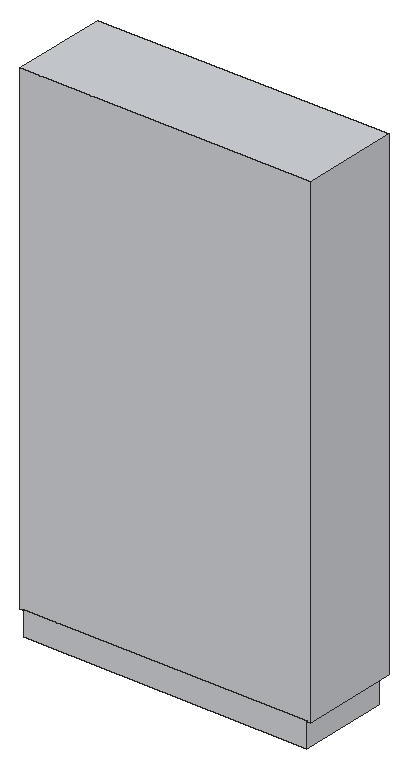
Revit family "EA_Schaltschrank_ohne_V1700", category Elektrische Ausstattung, Revit 2017
Family settings
  Bemaßung runder Anschluss = Durchmesser verwenden
  Teiletyp = Allgemeiner Verteiler
  OmniClass-Nummer = 23.80.30.11
  OmniClass-Titel = Power Supply Devices
  Arbeitsebenenbasiert = Nein
  Immer vertikal = Ja
  Beim Laden mit Abzugskörper schneiden = Ja
  Gemeinsam genutzt = Nein
  Raumberechnungspunkt = Nein
Parameters (values of type "SIBEL")
  schwarz schraffiert = no
  rot schraffiert = no
  pbr_Material_KZ = ""
  pbr_Material = none
  pbr_E_Typ = ""
  pbr_E_KZ = ""
  pbr_DINBild = 0
  pbr_Bild = 0
  magenta schraffiert = no
  cpiFitMatchKey [instance] = "E-SS"  # constant formula
  braun schraffiert = no
  Wirkleistung [instance] = 0 W
  built-in parameter 1140083 [instance] = "STahl"
  Türstärke = 10 mm
  Türhalbbreite [instance] = (Breite - 2 * Kante) / 2  # 585 mm
  Türbreite [instance] = if(Breite > 1199 mm, Türhalbbreite, Breite - 2 * Kante)  # 585 mm
  Typ [instance] = ""
  built-in parameter 1140086 [instance] = "-"
  Tiefe [instance] = 400 mm
  Text3 [instance] = ""
  Text2 [instance] = ""
  Text1 [instance] = ""
  built-in parameter 1140085 [instance] = "UVx"
  Spannung Phase zu Phase [instance] = 400 V
  Voltage = ""
  grün schraffiert = yes
  Scheinleistung Phase 3 = 0 VA
  Scheinleistung Phase 2 = 0 VA
  Scheinleistung Phase 1 = 0 VA
  Scheinleistung [instance] = 0 VA
  Scheinlast [instance] = 0 VA
  Sockel [instance] = 100 mm
  Polig [instance] = 1
  Planungsbüro Rohling = "www.pbr.de"
  Nennstrom [instance] = 100 A
  Menge(Dosenzahl) [instance] = 0
  Max. Anzahl Steckplätze [instance] = 42
  Linie/Anschluss [instance] = ""
  Leistungsfaktor [instance] = 0
  Lastklassifizierung [instance] = none
  Kante = 15 mm
  Kabeltrassen Anschlusshöhe [instance] = 100 mm
  Kabeltrasse Anschlussbreite [instance] = 400 mm
  Installationsart [instance] = ""
  built-in parameter 1140081 [instance] = "Freistehend"
  Info [instance] = ""
  Höhe [instance] = 2000 mm
  blau schraffiert = no
  Gewerk [instance] = "SIBEL"
  Panel Name [instance] = "Schaltschrank"
  violett schraffiert = no
  Breite [instance] = 1200 mm
  Anlaufstrom [instance] = 0
Types (5, lengths in mm): name | Türhalbbreite | Türbreite | Tiefe | grün schraffiert | blau schraffiert | Gewerk | violett schraffiert | Breite
  GHV | 385 | 770 | 800 | no | yes | "UV" | no | 800
  GSHV | 385 | 770 | 800 | no | yes | "UV" | no | 800
  ELA | 585 | 585 | 400 | no | no | "UV" | yes | 1200
  SIBEL | 585 | 585 | 400 | yes | no | "SIBEL" | no | 1200
  EDV | 585 | 585 | 400 | no | no | "EDV" | yes | 1200
Reference planes
  plane 1 "Mitte (Vorne/Hinten)": y = 0
  plane 2: z = 0
  plane 3 "Mitte (Links/Rechts)": x = 0
  plane 4: y = 400
  plane 5: x = -600
  plane 6: x = 600
  plane 7 "Niveau": z = 100
  plane 8: z = 2100
  plane 9: y = 150
  plane 10: y = 150
  plane 11: y = 200
  plane 12: y = 410
  plane 13: x = -585
  plane 14: x = 585
  plane 15: z = 2085
  plane 16: z = 115
  plane 17: y = 370
  plane 18: y = 985
  plane 19: x = 575
  plane 20: x = -575
  plane 21: y = 370
Forms (mm)
  Extrusion 1, solid
    sketch origin (-17.916, -2.559, 0) x (1, 0, 0) y (0, 1, 0)
      loop
        line (-582.084, 2.559) -> (617.916, 2.559) -> (617.916, 402.559) -> (-582.084, 402.559) -> (-582.084, 2.559)
    from 100 to 2100
  Extrusion 2, solid, not visible
    sketch origin (0, 0, 0) x (1, 0, 0) y (0, 1, 0)
      loop
        line (-585, 410) -> (-585, 400) -> (585, 400) -> (585, 410) -> (-585, 410)
    from 115 to 2085
  Extrusion 3, solid
    sketch origin (0, 0, 0) x (1, 0, 0) y (0, 1, 0)
      loop
        line (-585, 370) -> (-585, 0) -> (585, 0) -> (585, 370) -> (-585, 370)
    from 0 to 100
Dimensions and locks
  equal spacing: plane 5, plane 3 "Mitte (Links/Rechts)", plane 6
  "Tiefe": plane 4 to plane 1 "Mitte (Vorne/Hinten)"
  "Breite": plane 5 to plane 6
  "Höhe": plane 8 to plane 7 "Niveau"
  "Sockel": plane 7 "Niveau" to level
  plane 3 "Mitte (Links/Rechts)" to Extrusion 1 = 600 mm
  equal spacing: plane 4, plane 11, plane 1 "Mitte (Vorne/Hinten)"
  plane 4 to plane 11 to plane 10 to plane 9 to plane 1 "Mitte (Vorne/Hinten)" = 200 mm, 50 mm, 0 mm, 150 mm
  "Kante": plane 5 to plane 13
  "Kante": plane 14 to plane 6
  "Türstärke": plane 12 to plane 4
  "Kante": plane 7 "Niveau" to plane 16
  "Kante": plane 15 to plane 8
  "Türstärke": plane 19 to plane 14
  "Türbreite": plane 18 to plane 4
  "Türstärke": plane 13 to plane 20
  locked: plane 4 to plane 21 at 30
  nested 6 to plane 10 = 150 mm
  aligned and locked: level to plane 2
  aligned and locked: plane 6 to Extrusion 1
  aligned and locked: plane 1 "Mitte (Vorne/Hinten)" to Extrusion 1
  aligned and locked: plane 4 to Extrusion 1
  aligned and locked: Extrusion 1 to plane 5
  aligned and locked: Extrusion 1 to plane 7 "Niveau"
  aligned and locked: plane 8 to Extrusion 1
  aligned and locked: Extrusion 2 sketch curve to plane 14
  aligned and locked: Extrusion 2 sketch curve to plane 12
  aligned and locked: plane 4 to Extrusion 2 sketch curve
  aligned and locked: plane 13 to Extrusion 2 sketch curve
  aligned and locked: plane 15 to Extrusion 2
  aligned and locked: Extrusion 2 to plane 16
  aligned and locked: Extrusion 3 sketch curve to plane 13
  aligned and locked: Extrusion 3 sketch curve to plane 1 "Mitte (Vorne/Hinten)"
  aligned and locked: Extrusion 3 sketch curve to plane 14
  aligned and locked: Extrusion 3 to plane 17
  aligned and locked: plane 21 to plane 17
  aligned and locked: plane 1 "Mitte (Vorne/Hinten)" to nested 1
  aligned and locked: plane 4 to nested 1
  aligned and locked: plane 5 to nested 1
  aligned and locked: plane 6 to nested 1
  aligned and locked: plane 5 to nested 2
  aligned and locked: plane 6 to nested 2
  aligned and locked: plane 4 to nested 2
  aligned and locked: plane 4 to nested 4
  aligned and locked: plane 5 to nested 4
  aligned and locked: plane 6 to nested 4
  aligned and locked: plane 5 to nested 5
  aligned and locked: plane 6 to nested 5
  aligned and locked: plane 4 to nested 7
  aligned and locked: plane 5 to nested 7
  aligned and locked: plane 6 to nested 7
  aligned and locked: plane 4 to nested 6
  aligned and locked: plane 5 to nested 6
  aligned and locked: plane 6 to nested 6
  aligned and locked: nested 3 to plane 17
  aligned and locked: nested 3 to plane 1 "Mitte (Vorne/Hinten)"
  aligned and locked: plane 6 to nested 3
  aligned and locked: plane 5 to nested 3
Automatic sketch dimensions
  Extrusion 1 sketch curve to plane 4 = 0 mm
  Extrusion 1 sketch curve to plane 5 = 0 mm
  Extrusion 1 sketch curve to plane 6 = 0 mm
  plane 1 "Mitte (Vorne/Hinten)" to Extrusion 1 sketch curve = 0 mm
  Extrusion 3 sketch curve to plane 17 = 0 mm
Nested families
  nested 1: "Verteiler_blau" at (0, 0, 0), visible <- "blau schraffiert", type "Verteiler_blau"
    with Tiefe Schrank 400 mm, Breite Schrank 1200 mm
  nested 2: "Verteiler_braun" at (0, 0, 0), visible <- "braun schraffiert", type "Verteiler_braun"
    with Tiefe Schrank 400 mm, Breite Schrank 1200 mm
  nested 3: "Verteiler_grün" at (0, 0, 0), visible <- "grün schraffiert", type "Verteiler_grün"
    with Y Breite 240 mm, Teilabstand 36 mm, Symboltiefe 370 mm, Symbolbreite 1200 mm, Plusabstände 24 mm, PM Abstand 166.667 mm, MinusAbstände 70.5 mm, Länge 500 mm, Dicke 22.5 mm, Abstand 120 mm
  nested 4: "Verteiler_magenta" at (0, 0, 0), visible <- "magenta schraffiert", type "Notlichtversorgung"
    with Y Breite 240 mm, Teilabstand 36 mm, Symboltiefe 400 mm, Symbolbreite 1200 mm, Plusabstände 24 mm, PM Abstand 166.667 mm, MinusAbstände 70.5 mm, Länge 500 mm, Dicke 22.5 mm, Abstand 120 mm
  nested 5: "Verteiler_rot" at (0, 0, 0), visible <- "rot schraffiert", type "Notlichtversorgung"
    with Y Breite 240 mm, Teilabstand 36 mm, Symboltiefe 800 mm, Symbolbreite 1200 mm, Plusabstände 24 mm, PM Abstand 166.667 mm, MinusAbstände 70.5 mm, Länge 500 mm, Dicke 22.5 mm, Abstand 120 mm
  nested 6: "Verteiler_schwarz" at (0, 0, 0), visible <- "schwarz schraffiert", type "Verteiler_schwarz"
    with Tiefe Schrank 400 mm, Breite Schrank 1200 mm
  nested 7: "Verteiler_violett" at (0, 0, 0), visible <- "violett schraffiert", type "Verteiler_violett"
    with Tiefe Schrank 400 mm, Breite Schrank 1200 mm
Connectors
  electrical at (0, 200, 2100), driven by "Spannung Phase zu Phase", driven by "Scheinleistung Phase 1", driven by "Scheinleistung Phase 2", driven by "Scheinleistung Phase 3", driven by "Scheinlast"
    settings: on Extrusion 1, index 2, voltage 400 V, apparent load 0 VA, apparent load phase1 0 VA, apparent load phase2 0 VA, apparent load phase3 0 VA, power factor 1, load classification "Energie", number of poles 3, system type 30, power factor state 1, is connector primary yes, connector utility yes, sub classification motor no, connector description ""
  cabletrayconduit at (0, 200, 2100), diameter 600
    settings: on Extrusion 1, index 3, connector width 300 mm, connector height 300 mm, connector angle 0.00°, system type 32, placement type 0, profile type 1, connector reference index -1, is primary connector yes, connector utility param no, connector description ""
  cabletrayconduit at (0, 200, 2100), diameter 600
    settings: on Extrusion 1, index 4, connector width 300 mm, connector height 300 mm, connector angle 0.00°, system type 32, placement type 0, profile type 1, connector reference index -1, is primary connector no, connector utility param no, connector description ""
  cabletrayconduit at (0, 185, 0), diameter 600
    settings: on Extrusion 3, index 5, connector width 300 mm, connector height 300 mm, connector angle 0.00°, system type 32, placement type 0, profile type 1, connector reference index -1, is primary connector no, connector utility param no, connector description ""
Definition of nested family "Verteiler_blau"
  Parameters (values of type "Verteiler_blau")
    Tiefe Schrank [instance] = 200 mm
    Breite Schrank [instance] = 1200 mm
  Reference planes
    plane 1 "Mitte (Vorne/Hinten)": y = 0
    plane 2: z = 0
    plane 3 "Mitte (Links/Rechts)": x = 0
    plane 4: x = -600
    plane 5: x = 600
    plane 6: y = 200
  Lines and regions (mm)
    Filled region 1, type "Beton", in view "Referenzebene"
      outline origin (0, 0, 0) x (1, 0, 0) y (0, 1, 0)
        loop
          line (-600, 0) -> (600, 0) -> (600, 200) -> (-600, 0)
    detail lines, in view "Referenzebene"
      curve 1: line (-600, 200, 0) -> (600, 200, 0)
      curve 2: line (-600, 0, 0) -> (-600, 200, 0)
      curve 3: line (600, 0, 0) -> (-600, 0, 0)
      curve 4: line (600, 200, 0) -> (600, 0, 0)
  Dimensions and locks
    "Tiefe Schrank": plane 6 to plane 1 "Mitte (Vorne/Hinten)"
    equal spacing: plane 4, plane 3 "Mitte (Links/Rechts)", plane 5
    "Breite Schrank": plane 4 to plane 5
    aligned and locked: curve 3 to plane 1 "Mitte (Vorne/Hinten)"
    aligned and locked: plane 4 to curve 2
    aligned and locked: curve 4 to plane 5
    aligned and locked: curve 1 to plane 6
    aligned and locked: curve 3 to Filled region 1 sketch curve
    aligned and locked: curve 1 to Filled region 1 sketch curve
    aligned and locked: Filled region 1 sketch curve to curve 4
    aligned and locked: Filled region 1 sketch curve to curve 3
  Automatic sketch dimensions
    plane 1 "Mitte (Vorne/Hinten)" to curve 3 = 0 mm
    Filled region 1 sketch curve to plane 4 = 0 mm
Definition of nested family "Verteiler_braun"
  Parameters (values of type "Verteiler_braun")
    Tiefe Schrank [instance] = 400 mm
    Breite Schrank [instance] = 1200 mm
  Reference planes
    plane 1 "Mitte (Vorne/Hinten)": y = 0
    plane 2: z = 0
    plane 3 "Mitte (Links/Rechts)": x = 0
    plane 4: x = -600
    plane 5: x = 600
    plane 6: y = 400
  Lines and regions (mm)
    Filled region 1, type "Beton", in view "Referenzebene"
      outline origin (0, 0, 0) x (1, 0, 0) y (0, 1, 0)
        loop
          line (-600, 0) -> (600, 0) -> (600, 400) -> (-600, 0)
    detail lines, in view "Referenzebene"
      curve 1: line (-600, 400, 0) -> (600, 400, 0)
      curve 2: line (-600, 0, 0) -> (-600, 400, 0)
      curve 3: line (600, 0, 0) -> (-600, 0, 0)
      curve 4: line (600, 400, 0) -> (600, 0, 0)
  Dimensions and locks
    "Tiefe Schrank": plane 6 to plane 1 "Mitte (Vorne/Hinten)"
    equal spacing: plane 4, plane 3 "Mitte (Links/Rechts)", plane 5
    "Breite Schrank": plane 4 to plane 5
    aligned and locked: curve 3 to plane 1 "Mitte (Vorne/Hinten)"
    aligned and locked: plane 4 to curve 2
    aligned and locked: curve 4 to plane 5
    aligned and locked: curve 1 to plane 6
    aligned and locked: curve 3 to Filled region 1 sketch curve
    aligned and locked: curve 1 to Filled region 1 sketch curve
    aligned and locked: Filled region 1 sketch curve to curve 4
    aligned and locked: Filled region 1 sketch curve to curve 3
  Automatic sketch dimensions
    plane 1 "Mitte (Vorne/Hinten)" to curve 3 = 0 mm
    Filled region 1 sketch curve to plane 4 = 0 mm
Definition of nested family "Verteiler_grün"
  Parameters (values of type "Verteiler_grün")
    Y Breite [instance] = 240 mm
    Teilabstand [instance] = Abstand * 0.3  # 36 mm
    Symboltiefe [instance] = 494.353 mm
    Symbolbreite [instance] = 2262.671 mm
    Plusabstände [instance] = Y Breite / 10  # 24 mm
    PM Abstand [instance] = Länge / 3  # 166.667 mm
    MinusAbstände [instance] = 2 * Plusabstände + Dicke  # 70.5 mm
    Länge [instance] = 500 mm
    Dicke [instance] = 22.5 mm
    Abstand [instance] = 120 mm
  Reference planes
    plane 1 "Mitte (Vorne/Hinten)": y = 0
    plane 2: z = 0
    plane 3 "Mitte (Links/Rechts)": x = 0
    plane 4: x = -560
    plane 5: x = -60
    plane 6: x = 60
    plane 7: x = 560
    plane 8: x = -1131.336
    plane 9: y = 0
    plane 10: x = 1131.336
    plane 11: y = 494.353
  Lines and regions (mm)
    Filled region 1, type "Flächenfüllung Schwarz", in view "Referenzebene"
      outline origin (0, 0, 0) x (1, 0, 0) y (0, 1, 0)
        loop
          line (-1131.336, 0) -> (1131.336, 0) -> (1131.336, 494.353) -> (-1131.336, 0)
    detail lines, in view "Referenzebene"
      curve 1: line (-1131.336, 494.353, 0) -> (-1131.336, 0, 0)
      curve 2: line (-1131.336, 0, 0) -> (1131.336, 0, 0)
      curve 3: line (1131.336, 0, 0) -> (1131.336, 494.353, 0)
      curve 4: line (1131.336, 494.353, 0) -> (-1131.336, 494.353, 0)
  Dimensions and locks
    equal spacing: plane 4, plane 3 "Mitte (Links/Rechts)", plane 7
    "Länge": plane 4 to plane 5
    equal spacing: plane 8, plane 3 "Mitte (Links/Rechts)", plane 10
    "Symboltiefe": plane 11 to plane 9
    "Symbolbreite": plane 8 to plane 10
  Automatic sketch dimensions
    Filled region 1 sketch curve to plane 8 = 0 mm
    Filled region 1 sketch curve to plane 10 = 0 mm
    Filled region 1 sketch curve to plane 9 = 0 mm
    Filled region 1 sketch curve to plane 11 = 0 mm
    plane 1 "Mitte (Vorne/Hinten)" to curve 1 = 0 mm
    curve 4 to plane 8 = 0 mm
    curve 4 to plane 10 = 0 mm
    curve 1 to plane 11 = 0 mm
Definition of nested family "Verteiler_magenta"
  Parameters (values of type "Notlichtversorgung")
    Y Breite [instance] = 240 mm
    Teilabstand [instance] = Abstand * 0.3  # 36 mm
    Symboltiefe [instance] = 494.353 mm
    Symbolbreite [instance] = 2262.671 mm
    Plusabstände [instance] = Y Breite / 10  # 24 mm
    PM Abstand [instance] = Länge / 3  # 166.667 mm
    MinusAbstände [instance] = 2 * Plusabstände + Dicke  # 70.5 mm
    Länge [instance] = 500 mm
    Dicke [instance] = 22.5 mm
    Abstand [instance] = 120 mm
  Reference planes
    plane 1 "Mitte (Vorne/Hinten)": y = 0
    plane 2: z = 0
    plane 3 "Mitte (Links/Rechts)": x = 0
    plane 4: x = -1131.336
    plane 5: y = 0
    plane 6: x = 1131.336
    plane 7: y = 494.353
  Lines and regions (mm)
    Filled region 1, type "FluchtwegFarbe", in view "Referenzebene"
      outline origin (0, 0, 0) x (1, 0, 0) y (0, 1, 0)
        loop
          line (-1131.336, 494.353) -> (-1131.336, 0) -> (1131.336, 0) -> (1131.336, 494.353) -> (-1131.336, 494.353)
    Filled region 2, type "Flächenfüllung Schwarz", in view "Referenzebene"
      outline origin (0, 0, 0) x (1, 0, 0) y (0, 1, 0)
        loop
          line (-1131.336, 0) -> (1131.336, 0) -> (1131.336, 494.353) -> (-1131.336, 0)
    detail lines, in view "Referenzebene"
      curve 1: line (-1131.336, 0, 0) -> (1131.336, 494.353, 0)
  Dimensions and locks
    equal spacing: plane 4, plane 3 "Mitte (Links/Rechts)", plane 6
    "Symboltiefe": plane 7 to plane 5
    "Symbolbreite": plane 4 to plane 6
    aligned and locked: Filled region 1 sketch curve to plane 6
    aligned and locked: plane 5 to Filled region 1 sketch curve
    aligned and locked: plane 4 to Filled region 1 sketch curve
    aligned and locked: Filled region 1 sketch curve to plane 7
  Automatic sketch dimensions
    curve 1 to plane 4 = 0 mm
    curve 1 to plane 6 = 0 mm
    curve 1 to plane 5 = 0 mm
    curve 1 to plane 7 = 0 mm
    Filled region 2 sketch curve to plane 4 = 0 mm
    Filled region 2 sketch curve to plane 6 = 0 mm
    Filled region 2 sketch curve to plane 5 = 0 mm
    Filled region 2 sketch curve to plane 7 = 0 mm
Definition of nested family "Verteiler_rot"
  Parameters (values of type "Notlichtversorgung")
    Y Breite [instance] = 240 mm
    Teilabstand [instance] = Abstand * 0.3  # 36 mm
    Symboltiefe [instance] = 494.353 mm
    Symbolbreite [instance] = 2262.671 mm
    Plusabstände [instance] = Y Breite / 10  # 24 mm
    PM Abstand [instance] = Länge / 3  # 166.667 mm
    MinusAbstände [instance] = 2 * Plusabstände + Dicke  # 70.5 mm
    Länge [instance] = 500 mm
    Dicke [instance] = 22.5 mm
    Abstand [instance] = 120 mm
  Reference planes
    plane 1 "Mitte (Vorne/Hinten)": y = 0
    plane 2: z = 0
    plane 3 "Mitte (Links/Rechts)": x = 0
    plane 4: x = -1131.336
    plane 5: y = 0
    plane 6: x = 1131.336
    plane 7: y = 494.353
  Lines and regions (mm)
    Filled region 1, type "FluchtwegFarbe", in view "Referenzebene"
      outline origin (0, 0, 0) x (1, 0, 0) y (0, 1, 0)
        loop
          line (-1131.336, 494.353) -> (-1131.336, 0) -> (1131.336, 0) -> (1131.336, 494.353) -> (-1131.336, 494.353)
    Filled region 2, type "Flächenfüllung Schwarz", in view "Referenzebene"
      outline origin (0, 0, 0) x (1, 0, 0) y (0, 1, 0)
        loop
          line (-1131.336, 0) -> (1131.336, 0) -> (1131.336, 494.353) -> (-1131.336, 0)
  Dimensions and locks
    equal spacing: plane 4, plane 3 "Mitte (Links/Rechts)", plane 6
    "Symboltiefe": plane 7 to plane 5
    "Symbolbreite": plane 4 to plane 6
    aligned and locked: Filled region 1 sketch curve to plane 6
    aligned and locked: plane 5 to Filled region 1 sketch curve
    aligned and locked: plane 4 to Filled region 1 sketch curve
    aligned and locked: Filled region 1 sketch curve to plane 7
  Automatic sketch dimensions
    Filled region 2 sketch curve to plane 4 = 0 mm
    Filled region 2 sketch curve to plane 6 = 0 mm
    Filled region 2 sketch curve to plane 5 = 0 mm
    Filled region 2 sketch curve to plane 7 = 0 mm
Definition of nested family "Verteiler_schwarz"
  Parameters (values of type "Verteiler_schwarz")
    Tiefe Schrank [instance] = 400 mm
    Breite Schrank [instance] = 1200 mm
  Reference planes
    plane 1 "Mitte (Vorne/Hinten)": y = 0
    plane 2: z = 0
    plane 3 "Mitte (Links/Rechts)": x = 0
    plane 4: x = -600
    plane 5: x = 600
    plane 6: y = 400
  Lines and regions (mm)
    Filled region 1, type "Beton", in view "Referenzebene"
      outline origin (0, 0, 0) x (1, 0, 0) y (0, 1, 0)
        loop
          line (-600, 0) -> (600, 0) -> (600, 400) -> (-600, 0)
    detail lines, in view "Referenzebene"
      curve 1: line (-600, 400, 0) -> (600, 400, 0)
      curve 2: line (-600, 0, 0) -> (-600, 400, 0)
      curve 3: line (600, 0, 0) -> (-600, 0, 0)
      curve 4: line (600, 400, 0) -> (600, 0, 0)
  Dimensions and locks
    "Tiefe Schrank": plane 6 to plane 1 "Mitte (Vorne/Hinten)"
    equal spacing: plane 4, plane 3 "Mitte (Links/Rechts)", plane 5
    "Breite Schrank": plane 4 to plane 5
    aligned and locked: curve 3 to plane 1 "Mitte (Vorne/Hinten)"
    aligned and locked: plane 4 to curve 2
    aligned and locked: curve 4 to plane 5
    aligned and locked: curve 1 to plane 6
    aligned and locked: curve 3 to Filled region 1 sketch curve
    aligned and locked: curve 1 to Filled region 1 sketch curve
    aligned and locked: Filled region 1 sketch curve to curve 4
    aligned and locked: Filled region 1 sketch curve to curve 3
  Automatic sketch dimensions
    plane 1 "Mitte (Vorne/Hinten)" to curve 3 = 0 mm
    Filled region 1 sketch curve to plane 4 = 0 mm
Definition of nested family "Verteiler_violett"
  Parameters (values of type "Verteiler_violett")
    Tiefe Schrank [instance] = 400 mm
    Breite Schrank [instance] = 1200 mm
  Reference planes
    plane 1 "Mitte (Vorne/Hinten)": y = 0
    plane 2: z = 0
    plane 3 "Mitte (Links/Rechts)": x = 0
    plane 4: x = -600
    plane 5: x = 600
    plane 6: y = 400
  Lines and regions (mm)
    Filled region 1, type "Beton", in view "Referenzebene"
      outline origin (0, 0, 0) x (1, 0, 0) y (0, 1, 0)
        loop
          line (-600, 0) -> (600, 0) -> (600, 400) -> (-600, 0)
    detail lines, in view "Referenzebene"
      curve 1: line (-600, 400, 0) -> (600, 400, 0)
      curve 2: line (-600, 0, 0) -> (-600, 400, 0)
      curve 3: line (600, 0, 0) -> (-600, 0, 0)
      curve 4: line (600, 400, 0) -> (600, 0, 0)
  Dimensions and locks
    "Tiefe Schrank": plane 6 to plane 1 "Mitte (Vorne/Hinten)"
    equal spacing: plane 4, plane 3 "Mitte (Links/Rechts)", plane 5
    "Breite Schrank": plane 4 to plane 5
    aligned and locked: curve 3 to plane 1 "Mitte (Vorne/Hinten)"
    aligned and locked: plane 4 to curve 2
    aligned and locked: curve 4 to plane 5
    aligned and locked: curve 1 to plane 6
    aligned and locked: curve 3 to Filled region 1 sketch curve
    aligned and locked: curve 1 to Filled region 1 sketch curve
    aligned and locked: Filled region 1 sketch curve to curve 4
    aligned and locked: Filled region 1 sketch curve to curve 3
  Automatic sketch dimensions
    plane 1 "Mitte (Vorne/Hinten)" to curve 3 = 0 mm
    Filled region 1 sketch curve to plane 4 = 0 mm
